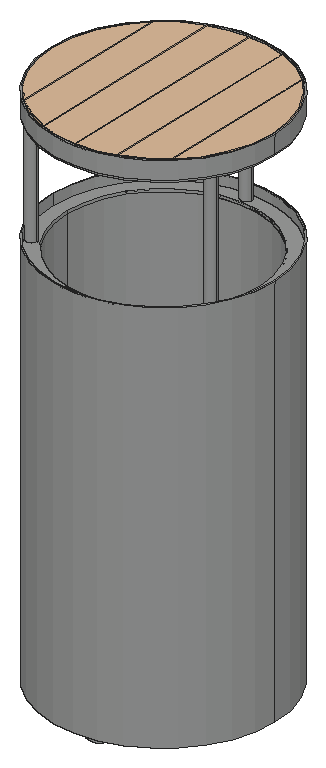
Revit family "1707-S-L", category Meble, Revit 2021
Family settings
  Numer OmniClass = 23.40.20.00
  Tytuł OmniClass = General Furniture and Specialties
  Oparty na płaszczyźnie roboczej = Nie
  Zawsze pionowo = Tak
  Tnij formami wycięć po wczytaniu = Nie
  Współdzielony = Nie
  Punkt obliczania pomieszczeń = Nie
Parameters (values of type "1707-S-L")
  wood = Mobilis Design Wood - Larch
  metal = Mobilis Design RAL 9023
  Width = "40 cm"
  Weight = "45 kg"
  URL = ""
  Size = "40 L"
  Product line = "DELPHINUS"
  Product Groups = ""
  Manufacturer = ""
  Keynote = ""
  Description = ""
  Model = "1707-S-L"
  Material = ""
  Maintenance = ""
  Lenght = "40 cm"
  Type Comments = ""
  Mobilis Design Materials = ""
  Hosted on = ""
  Height = "98 cm"
  Domyślna rzędna = 0 mm
  Copyright = "All designs and drawings are the common intellectual property of Lars Laj A/S and Tress and are protected by Danish and international copyright laws."
Reference planes
  plane 1 "front": y = 0
  plane 2: z = 0
  plane 3 "Środek (Lewa/Prawa)": x = 0
  plane 4 "left": x = -596.285
  plane 5 "back": y = 400
  plane 6: z = 301.491
Forms (mm)
  Extrusion 1, solid, material "Mobilis Design RAL 9023" <- "metal", not visible
    sketch origin (0, 0, 0) x (0, 1, 0) y (0, 0, 1)
      loop
        arc (71.187, 451.5) -> (57.045, 445.642) -> (51.187, 431.5) r 20
        line (51.187, 431.5) -> (51.187, 18.231)
        arc (51.187, 18.231) -> (56.527, 5.34) -> (69.418, 0) r 18.231
        line (69.418, 0) -> (153.638, 0) -> (153.638, 15) -> (448.638, 15) -> (448.638, 0) -> (527.023, 0)
        arc (527.023, 0) -> (542.307, 6.331) -> (548.638, 21.615) r 21.615
        line (548.638, 21.615) -> (548.638, 429.407)
        arc (548.638, 429.407) -> (542.168, 445.029) -> (526.545, 451.5) r 22.093
        line (526.545, 451.5) -> (71.187, 451.5)
    from 750.378 to 745
  Extrusion 2, solid, material "Mobilis Design RAL 9023" <- "metal", not visible
    sketch origin (0, 0, 0) x (0, 1, 0) y (0, 0, 1)
      loop
        line (548.638, 396.844) -> (629.375, 854.725) -> (601.836, 859.581)
        arc (601.836, 859.581) -> (585.224, 855.898) -> (576.082, 841.547) r 22.232
        line (576.082, 841.547) -> (507.306, 451.5) -> (526.545, 451.5)
        arc (526.545, 451.5) -> (542.168, 445.029) -> (548.638, 429.407) r 22.093
        line (548.638, 429.407) -> (548.638, 396.844)
    from 745 to 750.378
  Extrusion 3, solid, material "Mobilis Design RAL 9023" <- "metal"
    sketch origin (0, 0, 0) x (1, 0, 0) y (0, 1, 0)
      loop
        circle (0, 0) r 202
      loop
        circle (0, 0) r 200
    from 30 to 742
  Extrusion 4, solid, material "Mobilis Design RAL 9023" <- "metal"
    sketch origin (0, 0, 0) x (1, 0, 0) y (0, 1, 0)
      loop
        circle (0, 0) r 118
      loop
        circle (-2, -0.003) r 198
    from 30 to 35
  Extrusion 5, solid, material "Mobilis Design RAL 9023" <- "metal"
    sketch origin (0, 0, 0) x (1, 0, 0) y (0, 1, 0)
      loop
        circle (0, 0) r 174
      loop
        circle (0, 0) r 200
    from 719 to 724
  Extrusion 6, solid, material "Mobilis Design RAL 9023" <- "metal"
    sketch origin (0, 0, 0) x (1, 0, 0) y (0, 1, 0)
      loop
        circle (0, 0) r 174
      loop
        circle (0, 0) r 175
    from 54 to 720
  Extrusion 7, solid, material "Mobilis Design RAL 9023" <- "metal"
    sketch origin (0, 0, 0) x (1, 0, 0) y (0, 1, 0)
      loop
        circle (0, 0) r 202
      loop
        circle (0, 0) r 200
    from 948 to 980
  Extrusion 8, solid, material "Mobilis Design RAL 9023" <- "metal"
    sketch origin (0, 0, 0) x (1, 0, 0) y (0, 1, 0)
      loop
        circle (-1, 187.497) r 10
      loop
        circle (-163.38, -93.753) r 10
      loop
        circle (161.38, -93.753) r 10
    from 719 to 943.877
  Extrusion 9, solid, material "Mobilis Design Wood - Larch" <- "wood"
    sketch origin (0, 0, 0) x (1, 0, 0) y (0, 1, 0)
      loop
        line (-2, -197.173) -> (-2, 195.362)
        arc (-2, 195.362) -> (-34.938, 192.866) -> (-67, 184.915) r 197.5
        line (-67, 184.915) -> (-67, -186.044)
        arc (-67, -186.044) -> (-34.94, -194.176) -> (-2, -197.173) r 210
      loop
        line (-69, -183.976) -> (-69, 185.253)
        arc (-69, 185.253) -> (-103.381, 168.958) -> (-134, 146.374) r 197.5
        line (-134, 146.374) -> (-134, -147.072)
        arc (-134, -147.072) -> (-103.262, -168.627) -> (-69, -183.976) r 197.5
      loop
        line (-136, -144.845) -> (-136, 144.552)
        arc (-136, 144.552) -> (-199.33, -0.146) -> (-136, -144.845) r 196.971
    from 948 to 980
  Extrusion 10, solid, material "Mobilis Design RAL 9023" <- "metal"
    sketch origin (0, -0.003, 0) x (1, 0, 0) y (0, 1, 0)
      loop
        circle (0, 0) r 174
      loop
        circle (0, 0) r 200
    from 948 to 943.877
  Extrusion 11, solid, material "Mobilis Design RAL 9023" <- "metal"
    sketch origin (2.162, -6.013, 0) x (1, 0, 0) y (0, 1, 0)
      loop
        circle (-2, -137.436) r 20
      loop
        circle (-2, 147.652) r 20
      loop
        circle (140.544, 5.108) r 20
      loop
        circle (-144.544, 5.108) r 20
    from 0 to 30
  Extrusion 12, solid, material "Mobilis Design Wood - Larch" <- "wood"
    sketch origin (-1.875, 0, 0) x (-1, 0, 0) y (0, -1, 0)
      loop
        arc (-2, 197.173) -> (-34.94, 194.176) -> (-67, 186.044) r 210
        line (-67, 186.044) -> (-67, -184.915)
        arc (-67, -184.915) -> (-34.938, -192.866) -> (-2, -195.362) r 197.5
        line (-2, -195.362) -> (-2, 197.173)
      loop
        arc (-69, 183.976) -> (-103.262, 168.627) -> (-134, 147.072) r 197.5
        line (-134, 147.072) -> (-134, -146.374)
        arc (-134, -146.374) -> (-103.381, -168.958) -> (-69, -185.253) r 197.5
        line (-69, -185.253) -> (-69, 183.976)
      loop
        arc (-136, 144.845) -> (-199.33, 0.146) -> (-136, -144.552) r 196.971
        line (-136, -144.552) -> (-136, 144.845)
    from 948 to 980
  Extrusion 13, solid, material "Mobilis Design RAL 9023" <- "metal"
    sketch origin (348.521, -64.807, 943.877) x (1, 0, 0) y (0, 1, 0)
      loop
        line (-528.238, 44.807) -> (-168.521, 44.807) -> (-168.521, 84.807) -> (-528.238, 84.807) -> (-528.238, 44.807)
    from 0.388 to 4.123
Dimensions and locks
  aligned and locked: level to plane 2
